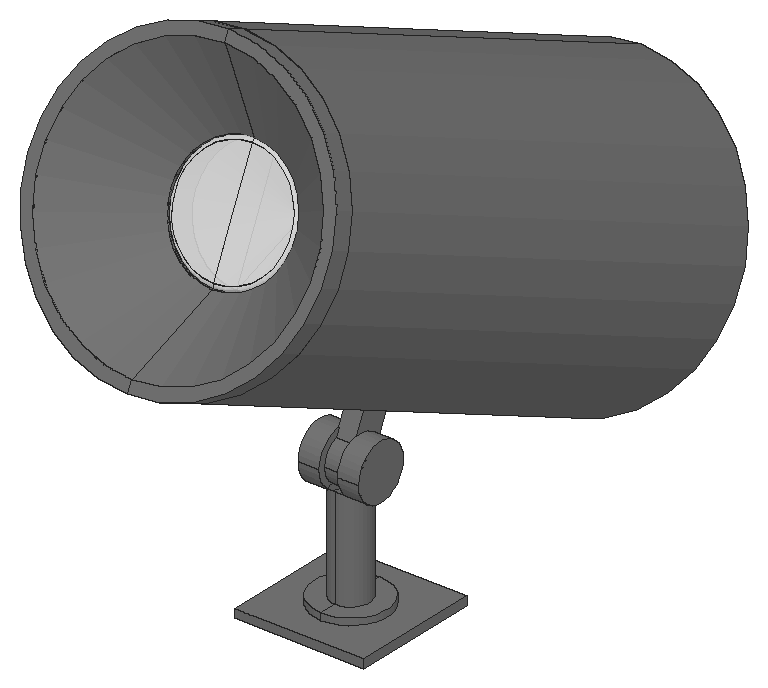
Revit family "AKTFCM16", category Lighting Fixtures, host Face, Revit 2012
Parameters (values of type "AKTFCM16")
  Wattage Comments = "75 W"
  Wattage = 75 W
  built-in parameter 1150110 = 1 (stored number, unit not read)
  built-in parameter 1114217 = 1 (stored number, unit not read)
  Tilt Angle = 60.00°
  built-in parameter 1150109 = 1 (stored number, unit not read)
  built-in parameter 1150134 = 3
  built-in parameter 1150113 = 1 (stored number, unit not read)
  Photometric Web File = "generic"
  built-in parameter 1150142 = (empty or 0)
  built-in parameter 1150105 = 886.54 (stored number, unit not read)
  Lumens = 11140.6 lm
  built-in parameter 1150115 = 1 (stored number, unit not read)
  built-in parameter 1150137 = (empty or 0)
  built-in parameter 1150139 = (empty or 0)
  built-in parameter 1150112 = 1 (stored number, unit not read)
  built-in parameter 1150114 = 1 (stored number, unit not read)
  built-in parameter 1150132 = (empty or 0)
  built-in parameter 1150102 = (empty or 0)
  built-in parameter 1150107 = 3200 (stored number, unit not read)
  built-in parameter 1150138 = (empty or 0)
  built-in parameter 1150106 = 8.8654 (stored number, unit not read)
  Finish = Baked enamel finish (Black)
  URL = "http://www.prescolite.com"
  Product Page URL = "http://www.prescolite.com/products/flat_back_cylinders/"
  Product Documentation Link = "http://www.prescolite.com/content/products/specs/specs_files/atrk_014.pdf"
  Model = "AKTFCM16"  # constant formula
  Manufacturer Phone = "864-678-1000"  # constant formula
  Manufacturer Fax = "864-678-1065"  # constant formula
  Manufacturer = "Prescolite"  # constant formula
  Lamp = "1"
  Glass = Glass
  Family = "Flat Back Cylinder"
  built-in parameter 1150104 = 13.8 (stored number, unit not read)
  Dimming Lamp Color Temperature Shift = <None>
  Description = "One Low Voltage Lamp up to 75W"  # constant formula
  Default Elevation = 48"
  Color Filter = 16777215
  built-in parameter 1114218 = 1 (stored number, unit not read)
  built-in parameter 1150133 = 10 (stored number, unit not read)
Reference planes (in)
  plane 1 "Center (Front/Back)": y = 0
  plane 2: z = 0
  plane 3 "Center (Left/Right)": x = 0.0375
  plane 4: z = 6.875
  plane 5: through (0, -4.3619, 6.15076) normal (0, -0.4226, -0.9063)
  plane 6: through (0, -2.43684, 5.45392) normal (0, -0.9063, 0.4226)
  plane 7: through (0, -1.77418, 6.875) normal (0, -0.4226, -0.9063)
  plane 8: x = -2.77514
  plane 9: through (0, 4.86501, 5.43671) normal (0, -0.9063, 0.4226)
  plane 10: through (0, -3.25334, 3.70292) normal (0, -0.4226, -0.9063)
  plane 11: z = 0.1
Forms (in)
  Revolve 1, solid, material "Baked enamel finish (Black)" <- "Finish"
    sketch origin (0.0375, -1.23728, 0.44336) x (0, -1, 0) y (0, 0, 1)
      loop
        line (0.5369, 6.43164) -> (0.31032, 6.32599) -> (-0.1846, 4.96619) -> (0.16827, 5.13074) -> (0.59579, 6.30535) -> (0.5369, 6.43164)
      axis (1.27648, 4.84561) -> (0.12254, 4.30751)
    angle from 0 to 360
  Extrusion 2, solid, material "Baked enamel finish (Black)" <- "Finish"
    sketch origin (0.075, -0.42713, 0) x (-1, 0, 0) y (0, 0, 1)
      loop
        line (-0.7125, 0) -> (0.7875, 0) -> (0.7875, 0.1) -> (-0.7125, 0.1) -> (-0.7125, 0)
    from 1.17652 to -0.32287
  Revolve 3, solid, material "Glass" <- "Glass"
    sketch origin (0.0375, 1.54199, -1.45113) x (0, -1, 0) y (0, 0, 1)
      loop
        line (3.25468, 6.36654) -> (2.96924, 6.97867)
        arc (2.96924, 6.97867) -> (2.94018, 7.0053) -> (2.9008, 7.00358) r 0.0515
        line (2.9008, 7.00358) -> (2.59461, 6.8608) -> (2.90181, 6.202) -> (3.25468, 6.36654)
      axis (3.25468, 6.36654) -> (2.90181, 6.202)
    angle from 0 to 360
  Revolve 4, solid, material "Baked enamel finish (Black)" <- "Finish"
    sketch origin (0.0375, 0, 0) x (0, -1, 0) y (0, 0, 1)
      loop
        line (1.5476, 6.76935) -> (-4.23011, 4.07515) -> (-3.49053, 2.48912) -> (0.70114, 4.44372) -> (1.5476, 6.76935)
      axis (2.28718, 5.18331) -> (-3.49053, 2.48912)
    angle from 0 to 360
  Extrusion 5, solid, material "Baked enamel finish (Black)" <- "Finish"
    sketch origin (0.0375, 0, 0) x (0, -1, 0) y (0, 0, 1)
      loop
        circle (0, 1.58373) r 0.32115
    from -0.35284 to 0.3536
  Revolve 6, solid, material "Baked enamel finish (Black)" <- "Finish"
    sketch origin (0.0375, 0, 0) x (0, -1, 0) y (0, 0, 1)
      loop
        line (0, 1.35) -> (-0.22024, 1.35) -> (-0.22024, 0.17646) -> (-0.4299, 0.17646) -> (-0.4299, 0.1) -> (0, 0.1) -> (0, 1.35)
      axis (0, 1.35) -> (0, 0.1)
    angle from 0 to 360
  Extrusion 7, void
    sketch origin (0.0375, 0, 0) x (0, -1, 0) y (0, 0, 1)
      loop
        circle (0, 1.58373) r 0.32115
    from -0.10705 to 0.1102
  Extrusion 8, solid, material "Baked enamel finish (Black)" <- "Finish"
    sketch origin (0.0375, 0, 0) x (0, -1, 0) y (0, 0, 1)
      loop
        circle (0, 1.58373) r 0.25
    from -0.10705 to 0.1102
  Extrusion 9, solid, material "Baked enamel finish (Black)" <- "Finish"
    sketch origin (0.0375, 0, 0) x (0, -1, 0) y (0, 0, 1)
      loop
        line (-0.41846, 2.08034) -> (-0.19678, 1.60496) -> (0.10982, 1.74794) -> (-0.11185, 2.22332) -> (-0.41846, 2.08034)
    from -0.10705 to 0.1102
Cuts and joins
  Extrusion 7 cuts Extrusion 5
  Extrusion 7 cuts Revolve 6
Dimensions and locks (in)
  locked: plane 4 to plane 2 at 6.875
  locked: plane 9 to plane 6 at 6.625
  locked: plane 10 to plane 7 at 3.5
  aligned and locked: plane 2 to host face
  aligned and locked: level to host face
  aligned and locked: level to Extrusion 2 sketch curve
  aligned and locked: Extrusion 2 sketch curve to level
  aligned and locked: plane 5 to Revolve 3 sketch curve  (x3)
  aligned and locked: Revolve 3 sketch curve to plane 5
  aligned and locked: Revolve 1 sketch curve to plane 5
  aligned and locked: Revolve 3 sketch curve to Revolve 1
  aligned and locked: plane 6 to Revolve 1
  aligned and locked: Revolve 1 to Revolve 3 sketch curve
  aligned and locked: Revolve 1 to Revolve 4 sketch curve
  aligned and locked: plane 9 to Revolve 4 sketch curve
  aligned and locked: Revolve 4 sketch curve to Revolve 1  (x2)
  aligned and locked: Revolve 4 sketch curve to plane 9
  aligned and locked: plane 5 to Revolve 4 sketch curve  (x2)
  aligned and locked: Revolve 4 sketch curve to plane 5
  aligned and locked: Extrusion 2 to plane 11
  aligned and locked: Extrusion 2 to Revolve 6 sketch curve  (x2)
  aligned and locked: Revolve 6 sketch curve to plane 1 "Center (Front/Back)"  (x2)
  aligned and locked: Extrusion 7 sketch curve to cut or joined group of Extrusion 5, Extrusion 7  (x2)
  aligned and locked: cut or joined group of Extrusion 5, Extrusion 7 to Extrusion 9
  aligned and locked: Extrusion 9 to cut or joined group of Extrusion 5, Extrusion 7
  aligned and locked: cut or joined group of Extrusion 5, Extrusion 7 to Extrusion 8  (x2)
Connectors (in)
  electrical at (0.0375, -0.00031, 0), driven by "Description"
    settings: on Extrusion 2, index 1, voltage 0 V, apparent load 0 VA, apparent load phase1 0 VA, apparent load phase2 0 VA, apparent load phase3 0 VA, power factor 1, load classification "Other", number of poles 1, system type 30, power factor state 1, is connector primary yes, connector utility no, sub classification motor no, connector description "One Low Voltage Lamp up to 75W"
